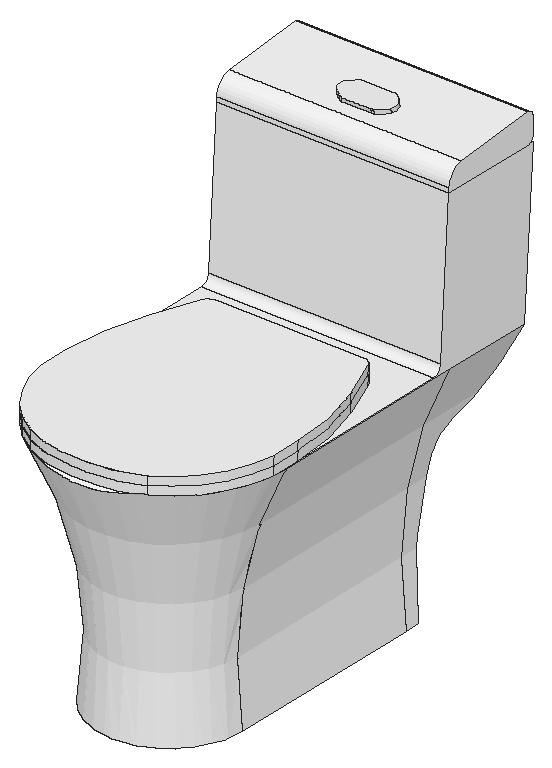
Revit family "121541001_Sanitario One Piece Burgos Al Bco", category Plumbing Fixtures, Revit 2019
Family settings
  Round Connector Dimension = Use Diameter
  Part Type = Normal
  OmniClass Number = 23.31.19.17
  OmniClass Title = Toilets With Tank
  Work Plane-Based = No
  Always vertical = Yes
  Cut with Voids When Loaded = No
  Shared = No
  Room Calculation Point = No
Parameters
  URL = "https://corona.co/productos/sanitarios/sanitarios-individuales/sanitario-one-piece-burgos-alongado-blanco/p/121541001"
  Sistema de Carga = "Por gravedad"  # constant formula
  Profundidad = 719 mm
  Presion maxima = "20 - 80 PSI."  # constant formula
  Peso Neto aprox = "50,3 kg."  # constant formula
  Peso Bruto aprox = "51,8 kg."  # constant formula
  Model = "Sanitario One Piece Burgos Al Bco"  # constant formula
  Material 2 = Corona_Aluminio
  Material = Corona_Porcelana_Sanitaria
  Manufacturer = "CORONA"  # constant formula
  Garantía = "Garantía Integral de por vida."  # constant formula
  Fecha de creación = "13/08/2020"  # constant formula
  Espejo de Agua = "18,5 cm x 21,3 cm ."  # constant formula
  Dimensiones generales del producto = "73,7cm x 39,1cm x 71,9cm"  # constant formula
  Dimensiones del Producto Empacado = "79 x 40,0 x 111"  # constant formula
  Description = "Capacidad de descarga de hasta 600 gr de miso."  # constant formula
  Creado por = "IDD"  # constant formula
  Ancho = 391 mm
  Altura de Sello = "2 3/8Pulgadas(6 cm)."  # constant formula
  Alto = 737 mm
Reference planes
  plane 1 "Center (Front/Back)": y = 0
  plane 2: z = 0
  plane 3 "Center (Left/Right)": x = 0
  plane 4: x = -195.5
  plane 5: x = 195.5
  plane 6: y = 359.5
  plane 7: y = -359.5
  plane 8: z = 737
Forms (mm)
  Extrusion 1, solid, material "Corona_Porcelana_Sanitaria" <- "Material", detail levels medium+fine
    sketch origin (0, 0, 0) x (0, 1, 0) y (0, 0, 1)
      loop
        line (359.5, 687) -> (184.5, 687) -> (166.99, 436.599)
        arc (166.99, 436.599) -> (162.257, 426.675) -> (152.027, 422.646) r 15
        line (152.027, 422.646) -> (-329.5, 422.646)
        arc (-329.5, 422.646) -> (-354.746, 408.852) -> (-356.777, 380.156) r 30
        arc (-356.777, 380.156) -> (-300.708, 194.194) -> (-296.87, 0) r 713.481
        line (-296.87, 0) -> (209.446, 0) -> (227.005, 251.103)
        arc (227.005, 251.103) -> (235.744, 277.222) -> (256.05, 295.829) r 55
        line (256.05, 295.829) -> (288.59, 313.131)
        arc (288.59, 313.131) -> (323.664, 345.27) -> (338.759, 390.384) r 95
        line (338.759, 390.384) -> (359.5, 687)
    from -195.5 to 195.5
  Extrusion 2, solid, material "Corona_Porcelana_Sanitaria" <- "Material", detail levels medium+fine
    sketch origin (0, 0, 0) x (0, 1, 0) y (0, 0, 1)
      loop
        line (184.5, 687) -> (351.5, 687)
        arc (351.5, 687) -> (357.157, 689.343) -> (359.5, 695) r 8
        line (359.5, 695) -> (359.5, 728.297)
        arc (359.5, 728.297) -> (356.913, 734.177) -> (350.83, 736.241) r 7.975
        line (350.83, 736.241) -> (211.885, 724.085)
        arc (211.885, 724.085) -> (192.382, 714.467) -> (184.5, 694.2) r 30
        line (184.5, 694.2) -> (184.5, 687)
    from -195.5 to 195.5
  Sweep 3, void
    path origin (0, 0, 0) x (1, 0, 0) y (0, 1, 0)
      loop
        line (-195.5, 184.5) -> (-195.5, -158.639)
        arc (-195.5, -158.639) -> (0, -354.139) -> (195.5, -158.639) r 195.5
        line (195.5, -158.639) -> (195.5, 184.5)
    profile origin (-195.5, 12.931, 0) x (1, 0, 0) y (0, 0, 1)
      loop
        line (-10.156, 437.432) -> (-125, 437.432) -> (-125, 0) -> (73, 0)
        arc (73, 0) -> (70.042, 226.057) -> (-10.156, 437.432) r 650.078
  Extrusion 4, void
    sketch origin (0, 0, 0) x (1, 0, 0) y (0, 0, 1)
      loop
        line (-195.5, 419.765) -> (-195.5, 0) -> (-122.5, 0)
        arc (-122.5, 0) -> (-123.634, 216.033) -> (-195.5, 419.765) r 650.078
      loop
        line (122.5, 0) -> (195.5, 0) -> (195.5, 419.765)
        arc (195.5, 419.765) -> (123.634, 216.033) -> (122.5, 0) r 650.078
    from -646.718 to 250
  Extrusion 5, solid, material "Corona_Porcelana_Sanitaria" <- "Material", detail levels medium+fine
    sketch origin (0, 0, 0) x (1, 0, 0) y (0, 1, 0)
      loop
        line (-195.5, -133.636) -> (-195.5, -183.747)
        arc (-195.5, -183.747) -> (-163.97, -268.02) -> (-98.27, -329.5) r 197.106
        spline (-98.27, -329.5) -> (-82.944, -336.828) -> (-66.988, -342.333) -> (-50.563, -346.217) -> (-33.882, -348.843) -> (-17.002, -350.348) -> (-0.008, -350.838) -> (16.989, -350.348) -> (33.88, -348.843) -> (50.569, -346.227) -> (66.981, -342.331) -> (82.935, -336.826) -> (98.27, -329.5)
        arc (98.27, -329.5) -> (163.97, -268.02) -> (195.5, -183.747) r 197.106
        line (195.5, -183.747) -> (195.5, -133.636)
        arc (195.5, -133.636) -> (188.802, -60.741) -> (168.932, 9.712) r 400
        line (168.932, 9.712) -> (141.295, 81.708)
        arc (141.295, 81.708) -> (133.952, 91.023) -> (122.624, 94.541) r 20
        line (122.624, 94.541) -> (-122.624, 94.541)
        arc (-122.624, 94.541) -> (-133.952, 91.023) -> (-141.295, 81.708) r 20
        line (-141.295, 81.708) -> (-168.932, 9.712)
        arc (-168.932, 9.712) -> (-188.802, -60.741) -> (-195.5, -133.636) r 400
    from 422.646 to 437.422
  Extrusion 6, solid, material "Corona_Porcelana_Sanitaria" <- "Material", detail levels medium+fine
    sketch origin (0, 0, 14.776) x (1, 0, 0) y (0, 1, 0)
      loop
        line (-195.5, -133.636) -> (-195.5, -183.747)
        arc (-195.5, -183.747) -> (-163.97, -268.02) -> (-98.27, -329.5) r 197.106
        spline (-98.27, -329.5) -> (-82.944, -336.828) -> (-66.988, -342.333) -> (-50.563, -346.217) -> (-33.882, -348.843) -> (-17.002, -350.348) -> (-0.008, -350.838) -> (16.989, -350.348) -> (33.88, -348.843) -> (50.569, -346.227) -> (66.981, -342.331) -> (82.935, -336.826) -> (98.27, -329.5)
        arc (98.27, -329.5) -> (163.97, -268.02) -> (195.5, -183.747) r 197.106
        line (195.5, -183.747) -> (195.5, -133.636)
        arc (195.5, -133.636) -> (188.802, -60.741) -> (168.932, 9.712) r 400
        line (168.932, 9.712) -> (141.295, 81.708)
        arc (141.295, 81.708) -> (133.952, 91.023) -> (122.624, 94.541) r 20
        line (122.624, 94.541) -> (-122.624, 94.541)
        arc (-122.624, 94.541) -> (-133.952, 91.023) -> (-141.295, 81.708) r 20
        line (-141.295, 81.708) -> (-168.932, 9.712)
        arc (-168.932, 9.712) -> (-188.802, -60.741) -> (-195.5, -133.636) r 400
    from 422.646 to 437.422
  Extrusion 7, void
    sketch origin (0, 0, 0) x (1, 0, 0) y (0, 1, 0)
      loop
        circle (-70, 119.5) r 10
      loop
        circle (70, 119.5) r 10
    from 211.59 to 573.692
  Extrusion 8, solid, material "Corona_Aluminio" <- "Material 2", detail levels medium+fine
    sketch origin (5.685, 78.649, -27.386) x (1, 0, 0) y (0, 0.996195, 0.087156)
      loop
        arc (-30.511, 267.962) -> (-32.755, 267.718) -> (-34.894, 266.997) r 10.435
        arc (-34.894, 266.997) -> (-44.319, 260.991) -> (-51.822, 252.706) r 41.889
        arc (-51.822, 252.706) -> (-54.425, 244.321) -> (-51.822, 235.936) r 14.806
        arc (-51.822, 235.936) -> (-44.319, 227.651) -> (-34.894, 221.646) r 41.889
        arc (-34.894, 221.646) -> (-32.755, 220.925) -> (-30.511, 220.68) r 10.435
        line (-30.511, 220.68) -> (19.141, 220.68)
        arc (19.141, 220.68) -> (21.385, 220.925) -> (23.525, 221.646) r 10.435
        arc (23.525, 221.646) -> (32.95, 227.651) -> (40.452, 235.936) r 41.889
        arc (40.452, 235.936) -> (43.056, 244.321) -> (40.452, 252.706) r 14.806
        arc (40.452, 252.706) -> (32.95, 260.991) -> (23.525, 266.997) r 41.889
        arc (23.525, 266.997) -> (21.385, 267.718) -> (19.141, 267.962) r 10.435
        line (19.141, 267.962) -> (-30.511, 267.962)
    from 737 to 743.433
  Extrusion 9, solid, material "Corona_Porcelana_Sanitaria" <- "Material", detail levels coarse
    sketch origin (0, 0, 0) x (1, 0, 0) y (0, 1, 0)
      loop
        line (-195.5, 359.5) -> (-195.5, -359.5) -> (195.5, -359.5) -> (195.5, 359.5) -> (-195.5, 359.5)
    from 0 to 737
Cuts and joins
  Sweep 3, Extrusion 4, Extrusion 7 cuts Extrusion 1
Lines and regions (mm)
  symbolic lines, not visible
    curve 1: arc (158.931, 306.17, 0) -> (0, 357.295, 0) -> (-158.931, 306.17, 0) r 272.596
    curve 2: arc (-158.931, 306.17, 0) -> (-188.985, 250.128, 0) -> (-161.28, 192.887, 0) r 70
    curve 3: arc (162.573, 193.891, 0) -> (188.963, 250.946, 0) -> (158.931, 306.17, 0) r 70
    curve 4: arc (-162.573, 193.891, 0) -> (-144.642, 149.459, 0) -> (-138.532, 101.935, 0) r 187.885
    curve 5: line (-138.532, 101.935, 0) -> (-138.532, 56.935, 0)
    curve 6: arc (-138.532, 56.935, 0) -> (-143.291, 6.836, 0) -> (-157.399, -41.47, 0) r 266.069
    curve 7: arc (-157.399, -41.47, 0) -> (-170.918, -97.782, 0) -> (-175.462, -155.515, 0) r 369.056
    curve 8: arc (-175.462, -180.671, 0) -> (-124.063, -304.701, 0) -> (0, -356.018, 0) r 175.347
    curve 9: arc (0, -356.018, 0) -> (124.063, -304.701, 0) -> (175.462, -180.671, 0) r 175.347
    curve 10: line (175.462, -180.671, 0) -> (175.462, -155.515, 0)
    curve 11: line (-175.462, -155.515, 0) -> (-175.462, -180.671, 0)
    curve 12: arc (175.462, -155.515, 0) -> (170.918, -97.782, 0) -> (157.399, -41.47, 0) r 369.056
    curve 13: arc (157.399, -41.47, 0) -> (143.291, 6.836, 0) -> (138.532, 56.935, 0) r 266.069
    curve 14: line (138.532, 56.935, 0) -> (138.532, 101.935, 0)
    curve 15: arc (138.532, 101.935, 0) -> (144.642, 149.459, 0) -> (162.573, 193.891, 0) r 187.885
    curve 16: arc (-22.322, 271.405, 0) -> (-44.822, 248.905, 0) -> (-22.322, 226.405, 0) r 22.5
    curve 17: line (22.322, 271.405, 0) -> (-22.322, 271.405, 0)
    curve 18: arc (22.322, 226.405, 0) -> (44.822, 248.905, 0) -> (22.322, 271.405, 0) r 22.5
    curve 19: line (-22.322, 226.405, 0) -> (22.322, 226.405, 0)
    curve 20: arc (-80.509, 109.309, 0) -> (-70.509, 99.309, 0) -> (-60.509, 109.309, 0) r 10
    curve 21: arc (-60.509, 109.309, 0) -> (-70.509, 119.309, 0) -> (-80.509, 109.309, 0) r 10
    curve 22: arc (80.509, 109.309, 0) -> (70.509, 119.309, 0) -> (60.509, 109.309, 0) r 10
    curve 23: arc (60.509, 109.309, 0) -> (70.509, 99.309, 0) -> (80.509, 109.309, 0) r 10
    curve 24: arc (-130.337, -180.671, 0) -> (-92.155, -272.793, 0) -> (0, -310.894, 0) r 130.223
    curve 25: arc (0, -310.894, 0) -> (92.155, -272.793, 0) -> (130.337, -180.671, 0) r 130.223
    curve 26: line (-130.337, -180.671, 0) -> (-130.337, -53.171, 0)
    curve 27: line (130.337, -180.671, 0) -> (130.337, -53.171, 0)
    curve 28: arc (-130.337, -53.171, 0) -> (-92.155, 38.951, 0) -> (0, 77.052, 0) r 130.223
    curve 29: arc (0, 77.052, 0) -> (92.155, 38.951, 0) -> (130.337, -53.171, 0) r 130.223
    curve 30: line (-36.969, -78.722, 0) -> (-36.969, -38.722, 0)
    curve 31: line (36.969, -78.722, 0) -> (36.969, -38.722, 0)
    curve 32: arc (-36.969, -38.722, 0) -> (0, -1.753, 0) -> (36.969, -38.722, 0) r 36.969
    curve 33: arc (-36.969, -78.722, 0) -> (0, -115.692, 0) -> (36.969, -78.722, 0) r 36.969
    curve 34: circle (0, -18.306, 0) r 13.098 normal (0, 0, 1)
    curve 35: arc (162.526, 193.807, 0) -> (0.774, 140.059, 0) -> (-161.28, 192.887, 0) r 272.596
    curve 36: line (0, 353.825, 756.733) -> (0, 335.634, 409.644)
    curve 37: line (0, 115.352, 761.119) -> (0, 357.295, 761.119)
    curve 38: line (0, 115.352, 761.119) -> (0, 357.295, 761.119)
    curve 39: line (0, 357.295, 761.119) -> (0, 357.295, 768.828)
    curve 40: arc (0, 357.295, 768.828) -> (0, 343.04, 780.083) -> (0, 325.555, 785) r 46.37
    curve 41: line (0, 115.352, 761.119) -> (0, 115.352, 768.828)
    curve 42: arc (0, 115.352, 768.828) -> (0, 129.607, 780.083) -> (0, 147.092, 785) r 46.37
    curve 43: line (0, 325.555, 785) -> (0, 147.092, 785)
    curve 44: line (0, 125.352, 761.119) -> (0, 139.852, 409.644)
    curve 45: line (0, 335.634, 409.644) -> (0, 340.634, 409.644)
    curve 46: line (0, 340.634, 409.644) -> (0, 340.634, 381.748)
    curve 47: line (0, 340.634, 381.748) -> (0, -19.366, 381.748)
    curve 48: line (0, 335.634, 409.644) -> (0, -356.018, 409.644)
    curve 49: arc (0, -356.018, 409.644) -> (0, -353.192, 366.547) -> (0, -335.455, 327.169) r 121.385
    curve 50: arc (0, -335.455, 327.169) -> (0, -291.866, 280.833) -> (0, -234.328, 253.696) r 170.542
    curve 51: arc (0, -186.596, 212.291) -> (0, -205.599, 238.599) -> (0, -234.328, 253.696) r 70.96
    curve 52: line (0, -186.596, 212.291) -> (0, -212.662, 0)
    curve 53: line (0, -212.662, 0) -> (0, 221.065, 0)
    curve 54: line (0, 221.065, 0) -> (0, 221.065, 25)
    curve 55: arc (0, 221.065, 25) -> (0, 233.654, 67.5) -> (0, 267.359, 96.287) r 78.033
    curve 56: arc (0, 267.359, 96.287) -> (0, 296.661, 122.671) -> (0, 304.859, 161.239) r 63.799
    curve 57: arc (0, 304.859, 161.239) -> (0, 299.88, 256.239) -> (0, 304.859, 351.239) r 908.843
    curve 58: arc (0, 304.859, 351.239) -> (0, 317.126, 373.085) -> (0, 340.634, 381.748) r 36.23
    curve 59: line (0, -53.935, 25) -> (0, -72.825, 178.845)
    curve 60: arc (0, 22.454, 174.082) -> (0, 1.448, 172.647) -> (0, -19.559, 174.082) r 154.484
    curve 61: arc (0, 299.973, 243.262) -> (0, 276.427, 290.481) -> (0, 226.563, 307.729) r 69.798
    curve 62: line (0, -55.154, 34.925) -> (0, 129.846, 34.925)
    curve 63: arc (0, 129.846, 34.925) -> (0, 154.319, 73.012) -> (0, 186.485, 104.869) r 207.033
    curve 64: arc (0, 186.485, 104.869) -> (0, 211.503, 129.646) -> (0, 230.537, 159.269) r 161.026
    curve 65: arc (0, 230.537, 159.269) -> (0, 236.709, 195.289) -> (0, 222.006, 228.747) r 63.503
    curve 66: arc (0, 222.006, 228.747) -> (0, 197.006, 240.286) -> (0, 172.006, 228.747) r 32.851
    curve 67: arc (0, 172.006, 228.747) -> (0, 121.814, 176.266) -> (0, 65.96, 129.857) r 635.206
    curve 68: arc (0, 65.96, 129.857) -> (0, 22.407, 108.875) -> (0, -25.803, 105.269) r 129.914
    curve 69: line (0, -25.803, 105.269) -> (0, -63.791, 105.269)
    curve 70: arc (0, 226.563, 307.729) -> (0, 189.313, 302.119) -> (0, 153.79, 289.585) r 198.818
    curve 71: arc (0, 153.79, 289.585) -> (0, 79.77, 241.33) -> (0, 22.454, 174.082) r 308.675
    curve 72: arc (0, 167.5, 325.24) -> (0, 114.917, 300.636) -> (0, 71.053, 262.606) r 210.538
    curve 73: arc (0, 71.053, 262.606) -> (0, 10.368, 212.716) -> (0, -63.181, 185.106) r 239.877
    curve 74: arc (0, -63.181, 185.106) -> (0, -91.397, 186.055) -> (0, -116.307, 199.342) r 62.396
    curve 75: arc (0, 115, 381.748) -> (0, 109.421, 348.949) -> (0, 90.651, 321.481) r 77.8
    curve 76: arc (0, 90.651, 321.481) -> (0, 22.093, 266.646) -> (0, -54.431, 223.622) r 540.97
    curve 77: arc (0, -54.431, 223.622) -> (0, -103.033, 215.623) -> (0, -148.911, 233.552) r 93.061
    curve 78: line (-189, 0, 761.119) -> (189, 0, 761.119)
    curve 79: line (-189, 0, 761.119) -> (-189, 0, 768.801)
    curve 80: arc (-189, 0, 768.801) -> (-176.035, 0, 780.743) -> (-158.931, 0, 785) r 35.593
    curve 81: line (189, 0, 761.119) -> (189, 0, 768.801)
    curve 82: arc (189, 0, 768.801) -> (176.035, 0, 780.743) -> (158.931, 0, 785) r 35.593
    curve 83: line (-158.931, 0, 785) -> (158.931, 0, 785)
    curve 84: line (-186, 0, 761.119) -> (-186, 0, 616.119)
    curve 85: line (-184.377, 0, 604.403) -> (-157.399, 0, 409.644)
    curve 86: arc (-184.377, 0, 604.403) -> (-185.393, 0, 610.232) -> (-186, 0, 616.119) r 84.777
    curve 87: line (186, 0, 761.119) -> (186, 0, 616.119)
    curve 88: line (184.377, 0, 604.403) -> (157.399, 0, 409.644)
    curve 89: arc (184.377, 0, 604.403) -> (185.393, 0, 610.232) -> (186, 0, 616.119) r 84.777
    curve 90: line (-130.337, 0, 0) -> (-106.678, 0, 168.346)
    curve 91: line (-106.678, 0, 168.346) -> (-106.678, 0, 211.148)
    curve 92: line (-176.678, 0, 409.644) -> (-176.678, 0, 341.748)
    curve 93: arc (-176.678, 0, 341.748) -> (-166.147, 0, 294.248) -> (-136.529, 0, 255.648) r 112.395
    curve 94: arc (-136.529, 0, 255.648) -> (-118.448, 0, 235.515) -> (-106.678, 0, 211.148) r 96.347
    curve 95: line (130.337, 0, 0) -> (106.678, 0, 168.346)
    curve 96: line (106.678, 0, 168.346) -> (106.678, 0, 211.148)
    curve 97: line (176.678, 0, 409.644) -> (176.678, 0, 341.748)
    curve 98: arc (176.678, 0, 341.748) -> (166.147, 0, 294.248) -> (136.529, 0, 255.648) r 112.395
    curve 99: arc (136.529, 0, 255.648) -> (118.448, 0, 235.515) -> (106.678, 0, 211.148) r 96.347
    curve 100: line (-176.678, 0, 409.644) -> (176.678, 0, 409.644)
    curve 101: line (-130.337, 0, 0) -> (130.337, 0, 0)
    curve 105: line (-187.5, 359.5, 0) -> (187.5, 359.5, 0)
    curve 106: line (195.5, 351.5, 0) -> (195.5, 160.027, 0)
    curve 107: line (-195.5, 160.027, 0) -> (-195.5, 351.5, 0)
    curve 163: arc (-195.5, 351.5, 0) -> (-193.157, 357.157, 0) -> (-187.5, 359.5, 0) r 8
    curve 164: arc (195.5, 351.5, 0) -> (193.157, 357.157, 0) -> (187.5, 359.5, 0) r 8
    curve 165: arc (-195.5, 160.027, 0) -> (0, 126.686, 0) -> (195.5, 160.027, 0) r 589.839
    curve 166: line (-195.5, 160.027, 0) -> (-155.35, 102.686, 0)
    curve 167: line (-155.35, 102.686, 0) -> (-155.35, -192.314, 0)
    curve 168: arc (-155.35, -192.314, 0) -> (-115.632, -301.437, 0) -> (-15.064, -359.5, 0) r 169.765
    curve 169: line (195.5, 160.027, 0) -> (155.35, 102.686, 0)
    curve 170: line (155.35, 102.686, 0) -> (155.35, -192.314, 0)
    curve 171: arc (155.35, -192.314, 0) -> (115.632, -301.437, 0) -> (15.064, -359.5, 0) r 169.765
    curve 172: line (-15.064, -359.5, 0) -> (15.064, -359.5, 0)
    curve 173: arc (-155.35, 102.686, 0) -> (0, 68.944, 0) -> (155.35, 102.686, 0) r 374.489
    curve 174: arc (-179.118, 136.631, 0) -> (0, 110.688, 0) -> (179.118, 136.631, 0) r 631.315
    curve 175: arc (-46.137, 252.706, 0) -> (-48.74, 244.321, 0) -> (-46.137, 235.936, 0) r 14.806
    curve 176: arc (-46.137, 235.936, 0) -> (-38.635, 227.651, 0) -> (-29.209, 221.646, 0) r 41.889
    curve 177: arc (-29.209, 266.997, 0) -> (-38.635, 260.991, 0) -> (-46.137, 252.706, 0) r 41.889
    curve 178: line (24.826, 267.962, 0) -> (-24.826, 267.962, 0)
    curve 179: arc (29.209, 266.997, 0) -> (27.07, 267.718, 0) -> (24.826, 267.962, 0) r 10.435
    curve 180: arc (-24.826, 267.962, 0) -> (-27.07, 267.718, 0) -> (-29.209, 266.997, 0) r 10.435
    curve 181: arc (-29.209, 221.646, 0) -> (-27.07, 220.925, 0) -> (-24.826, 220.68, 0) r 10.435
    curve 182: line (-24.826, 220.68, 0) -> (24.826, 220.68, 0)
    curve 183: arc (24.826, 220.68, 0) -> (27.07, 220.925, 0) -> (29.209, 221.646, 0) r 10.435
    curve 184: arc (29.209, 221.646, 0) -> (38.635, 227.651, 0) -> (46.137, 235.936, 0) r 41.889
    curve 185: arc (46.137, 235.936, 0) -> (48.74, 244.321, 0) -> (46.137, 252.706, 0) r 14.806
    curve 186: arc (46.137, 252.706, 0) -> (38.635, 260.991, 0) -> (29.209, 266.997, 0) r 41.889
    curve 187: line (-11.336, 260.654, 0) -> (-11.336, 226.308, 0)
    curve 188: arc (-11.336, 260.654, 0) -> (-34.435, 243.481, 0) -> (-11.336, 226.308, 0) r 17.933
    curve 189: arc (46.137, 235.936, 0) -> (38.635, 227.651, 0) -> (29.209, 221.646, 0) r 41.889
    curve 190: line (12.586, 260.981, 0) -> (12.586, 225.981, 0)
    curve 191: arc (12.586, 260.981, 0) -> (34.435, 243.481, 0) -> (12.586, 225.981, 0) r 17.933
    curve 192: circle (-61.378, 33.247, 0) r 10 normal (0, 0, 1)
    curve 193: circle (61.378, 33.247, 0) r 10 normal (0, 0, -1)
    curve 194: arc (-105.35, -192.314, 0) -> (-78.602, -267.756, 0) -> (-10.305, -309.5, 0) r 119.765
    curve 195: line (-10.305, -309.5, 0) -> (10.305, -309.5, 0)
    curve 196: arc (105.35, -192.314, 0) -> (78.602, -267.756, 0) -> (10.305, -309.5, 0) r 119.765
    curve 197: line (-105.35, -192.314, 0) -> (-105.35, -137.314, 0)
    curve 198: arc (-105.35, -137.314, 0) -> (-78.602, -61.872, 0) -> (-10.305, -20.128, 0) r 119.765
    curve 199: line (-10.305, -20.128, 0) -> (10.305, -20.128, 0)
    curve 200: arc (105.35, -137.314, 0) -> (78.602, -61.872, 0) -> (10.305, -20.128, 0) r 119.765
    curve 201: line (105.35, -192.314, 0) -> (105.35, -137.314, 0)
    curve 202: arc (-95.35, -137.314, 0) -> (-71.156, -68.568, 0) -> (-9.239, -30.128, 0) r 109.765
    curve 203: line (-95.35, -192.314, 0) -> (-95.35, -137.314, 0)
    curve 204: arc (-95.35, -192.314, 0) -> (-71.156, -261.06, 0) -> (-9.239, -299.5, 0) r 109.765
    curve 205: line (-9.239, -299.5, 0) -> (9.239, -299.5, 0)
    curve 206: arc (95.35, -192.314, 0) -> (71.156, -261.06, 0) -> (9.239, -299.5, 0) r 109.765
    curve 207: line (95.35, -192.314, 0) -> (95.35, -137.314, 0)
    curve 208: arc (95.35, -137.314, 0) -> (71.156, -68.568, 0) -> (9.239, -30.128, 0) r 109.765
    curve 209: line (-9.239, -30.128, 0) -> (9.239, -30.128, 0)
    curve 210: line (-11.452, -43.709, 0) -> (11.452, -43.709, 0)
    curve 211: line (-18.808, -121.354, 0) -> (-18.808, -51.065, 0)
    curve 212: line (11.452, -128.709, 0) -> (-11.452, -128.709, 0)
    curve 213: line (18.808, -51.065, 0) -> (18.808, -121.354, 0)
    curve 214: arc (-18.808, -51.065, 0) -> (-16.654, -45.863, 0) -> (-11.452, -43.709, 0) r 7.355
    curve 215: arc (18.808, -51.065, 0) -> (16.654, -45.863, 0) -> (11.452, -43.709, 0) r 7.355
    curve 216: arc (-18.808, -121.354, 0) -> (-16.654, -126.555, 0) -> (-11.452, -128.709, 0) r 7.355
    curve 217: arc (18.808, -121.354, 0) -> (16.654, -126.555, 0) -> (11.452, -128.709, 0) r 7.355
    curve 236: line (-146.885, 0, 422.612) -> (-146.885, 0, 724.102)
    curve 237: line (-133.987, 0, 737) -> (0, 0, 737)
    curve 238: arc (-146.885, 0, 724.102) -> (-143.107, 0, 733.222) -> (-133.987, 0, 737) r 12.898
    curve 239: line (196.39, 0, 422.612) -> (-197.103, 0, 422.612)
    curve 240: arc (-122.505, 0, -0.008) -> (-123.923, 0, 217.635) -> (-197.103, 0, 422.612) r 650.07
    curve 241: line (-122.505, 0, -0.008) -> (121.929, 0, -0.008)
    curve 242: line (-146.885, 0, 702) -> (0, 0, 702)
    curve 243: line (146.885, 0, 422.612) -> (146.885, 0, 724.102)
    curve 244: line (133.987, 0, 737) -> (0, 0, 737)
    curve 245: arc (146.885, 0, 724.102) -> (143.107, 0, 733.222) -> (133.987, 0, 737) r 12.898
    curve 246: arc (121.929, 0, -0.008) -> (123.297, 0, 217.621) -> (196.39, 0, 422.612) r 650.349
    curve 247: line (121.929, 0, -0.008) -> (-122.505, 0, -0.008)
    curve 248: line (146.885, 0, 702) -> (0, 0, 702)
    curve 249: line (-197.103, 0, 422.612) -> (196.39, 0, 422.612)
    curve 250: line (-197.103, 0, 436.599) -> (-197.103, 0, 422.612)
    curve 251: line (196.39, 0, 436.599) -> (-197.103, 0, 436.599)
    curve 252: line (196.39, 0, 422.612) -> (196.39, 0, 436.599)
    curve 276: arc (0, 351.5, 687) -> (0, 357.157, 689.343) -> (0, 359.5, 695) r 8
    curve 277: line (0, 359.5, 687) -> (0, 184.5, 687)
    curve 278: line (0, 184.5, 694.2) -> (0, 184.5, 687)
    curve 279: arc (0, 211.885, 724.085) -> (0, 192.382, 714.467) -> (0, 184.5, 694.2) r 30
    curve 280: line (0, 350.83, 736.241) -> (0, 211.885, 724.085)
    curve 281: arc (0, 359.5, 728.297) -> (0, 356.913, 734.177) -> (0, 350.83, 736.241) r 7.975
    curve 282: line (0, 359.5, 695) -> (0, 359.5, 728.297)
    curve 283: line (0, 338.759, 390.384) -> (0, 359.5, 687)
    curve 284: line (0, 359.5, 687) -> (0, 351.5, 687)
    curve 285: line (0, 184.5, 687) -> (0, 166.99, 436.599)
    curve 286: arc (0, 166.99, 436.599) -> (0, 162.257, 426.675) -> (0, 152.027, 422.646) r 15
    curve 287: line (0, 152.027, 422.646) -> (0, -355.972, 422.646)
    curve 288: arc (0, 288.59, 313.131) -> (0, 323.664, 345.27) -> (0, 338.759, 390.384) r 95
    curve 289: arc (0, 227.005, 251.103) -> (0, 235.744, 277.222) -> (0, 256.05, 295.829) r 55
    curve 290: line (0, 256.05, 295.829) -> (0, 288.59, 313.131)
    curve 291: line (0, 209.446, 0) -> (0, 227.005, 251.103)
    curve 292: line (0, -281.138, 0) -> (0, 209.446, 0)
    curve 293: arc (0, -355.972, 422.646) -> (0, -280.495, 218.062) -> (0, -281.138, 0) r 615.122
    curve 294: line (0, -355.972, 422.646) -> (0, 94.541, 422.646)
    curve 295: line (0, -355.972, 437.422) -> (0, -355.972, 422.646)
    curve 296: line (0, 94.541, 437.422) -> (0, -355.972, 437.422)
    curve 297: line (0, 94.541, 422.646) -> (0, 94.541, 437.422)
  symbolic lines
    curve 102: line (-187.5, 359.5, 0) -> (187.5, 359.5, 0)
    curve 103: line (195.5, 351.5, 0) -> (195.5, 160.027, 0)
    curve 104: line (-195.5, 160.027, 0) -> (-195.5, 351.5, 0)
    curve 108: arc (-195.5, 351.5, 0) -> (-193.157, 357.157, 0) -> (-187.5, 359.5, 0) r 8
    curve 109: arc (195.5, 351.5, 0) -> (193.157, 357.157, 0) -> (187.5, 359.5, 0) r 8
    curve 110: arc (-195.5, 160.027, 0) -> (0, 126.686, 0) -> (195.5, 160.027, 0) r 589.839
    curve 111: line (-195.5, 160.027, 0) -> (-155.35, 102.686, 0)
    curve 112: line (-155.35, 102.686, 0) -> (-155.35, -192.314, 0)
    curve 113: arc (-155.35, -192.314, 0) -> (-115.632, -301.437, 0) -> (-15.064, -359.5, 0) r 169.765
    curve 114: line (195.5, 160.027, 0) -> (155.35, 102.686, 0)
    curve 115: line (155.35, 102.686, 0) -> (155.35, -192.314, 0)
    curve 116: arc (155.35, -192.314, 0) -> (115.632, -301.437, 0) -> (15.064, -359.5, 0) r 169.765
    curve 117: line (-15.064, -359.5, 0) -> (15.064, -359.5, 0)
    curve 118: arc (-155.35, 102.686, 0) -> (0, 68.944, 0) -> (155.35, 102.686, 0) r 374.489
    curve 119: arc (-179.118, 136.631, 0) -> (0, 110.688, 0) -> (179.118, 136.631, 0) r 631.315
    curve 120: arc (-46.137, 252.706, 0) -> (-48.74, 244.321, 0) -> (-46.137, 235.936, 0) r 14.806
    curve 121: arc (-46.137, 235.936, 0) -> (-38.635, 227.651, 0) -> (-29.209, 221.646, 0) r 41.889
    curve 122: arc (-29.209, 266.997, 0) -> (-38.635, 260.991, 0) -> (-46.137, 252.706, 0) r 41.889
    curve 123: line (24.826, 267.962, 0) -> (-24.826, 267.962, 0)
    curve 124: arc (29.209, 266.997, 0) -> (27.07, 267.718, 0) -> (24.826, 267.962, 0) r 10.435
    curve 125: arc (-24.826, 267.962, 0) -> (-27.07, 267.718, 0) -> (-29.209, 266.997, 0) r 10.435
    curve 126: arc (-29.209, 221.646, 0) -> (-27.07, 220.925, 0) -> (-24.826, 220.68, 0) r 10.435
    curve 127: line (-24.826, 220.68, 0) -> (24.826, 220.68, 0)
    curve 128: arc (24.826, 220.68, 0) -> (27.07, 220.925, 0) -> (29.209, 221.646, 0) r 10.435
    curve 129: arc (29.209, 221.646, 0) -> (38.635, 227.651, 0) -> (46.137, 235.936, 0) r 41.889
    curve 130: arc (46.137, 235.936, 0) -> (48.74, 244.321, 0) -> (46.137, 252.706, 0) r 14.806
    curve 131: arc (46.137, 252.706, 0) -> (38.635, 260.991, 0) -> (29.209, 266.997, 0) r 41.889
    curve 132: line (-11.336, 260.654, 0) -> (-11.336, 226.308, 0)
    curve 133: arc (-11.336, 260.654, 0) -> (-34.435, 243.481, 0) -> (-11.336, 226.308, 0) r 17.933
    curve 134: arc (46.137, 235.936, 0) -> (38.635, 227.651, 0) -> (29.209, 221.646, 0) r 41.889
    curve 135: line (12.586, 260.981, 0) -> (12.586, 225.981, 0)
    curve 136: arc (12.586, 260.981, 0) -> (34.435, 243.481, 0) -> (12.586, 225.981, 0) r 17.933
    curve 137: circle (-61.378, 33.247, 0) r 10 normal (0, 0, 1)
    curve 138: circle (61.378, 33.247, 0) r 10 normal (0, 0, -1)
    curve 139: arc (-105.35, -192.314, 0) -> (-78.602, -267.756, 0) -> (-10.305, -309.5, 0) r 119.765
    curve 140: line (-10.305, -309.5, 0) -> (10.305, -309.5, 0)
    curve 141: arc (105.35, -192.314, 0) -> (78.602, -267.756, 0) -> (10.305, -309.5, 0) r 119.765
    curve 142: line (-105.35, -192.314, 0) -> (-105.35, -137.314, 0)
    curve 143: arc (-105.35, -137.314, 0) -> (-78.602, -61.872, 0) -> (-10.305, -20.128, 0) r 119.765
    curve 144: line (-10.305, -20.128, 0) -> (10.305, -20.128, 0)
    curve 145: arc (105.35, -137.314, 0) -> (78.602, -61.872, 0) -> (10.305, -20.128, 0) r 119.765
    curve 146: line (105.35, -192.314, 0) -> (105.35, -137.314, 0)
    curve 147: arc (-95.35, -137.314, 0) -> (-71.156, -68.568, 0) -> (-9.239, -30.128, 0) r 109.765
    curve 148: line (-95.35, -192.314, 0) -> (-95.35, -137.314, 0)
    curve 149: arc (-95.35, -192.314, 0) -> (-71.156, -261.06, 0) -> (-9.239, -299.5, 0) r 109.765
    curve 150: line (-9.239, -299.5, 0) -> (9.239, -299.5, 0)
    curve 151: arc (95.35, -192.314, 0) -> (71.156, -261.06, 0) -> (9.239, -299.5, 0) r 109.765
    curve 152: line (95.35, -192.314, 0) -> (95.35, -137.314, 0)
    curve 153: arc (95.35, -137.314, 0) -> (71.156, -68.568, 0) -> (9.239, -30.128, 0) r 109.765
    curve 154: line (-9.239, -30.128, 0) -> (9.239, -30.128, 0)
    curve 155: line (-11.452, -43.709, 0) -> (11.452, -43.709, 0)
    curve 156: line (-18.808, -121.354, 0) -> (-18.808, -51.065, 0)
    curve 157: line (11.452, -128.709, 0) -> (-11.452, -128.709, 0)
    curve 158: line (18.808, -51.065, 0) -> (18.808, -121.354, 0)
    curve 159: arc (-18.808, -51.065, 0) -> (-16.654, -45.863, 0) -> (-11.452, -43.709, 0) r 7.355
    curve 160: arc (18.808, -51.065, 0) -> (16.654, -45.863, 0) -> (11.452, -43.709, 0) r 7.355
    curve 161: arc (-18.808, -121.354, 0) -> (-16.654, -126.555, 0) -> (-11.452, -128.709, 0) r 7.355
    curve 162: arc (18.808, -121.354, 0) -> (16.654, -126.555, 0) -> (11.452, -128.709, 0) r 7.355
    curve 218: line (-195.5, 0, 422.646) -> (-146.885, 0, 422.646)
    curve 219: line (-146.885, 0, 422.612) -> (-146.885, 0, 724.102)
    curve 220: line (-133.987, 0, 737) -> (0, 0, 737)
    curve 221: arc (-146.885, 0, 724.102) -> (-143.107, 0, 733.222) -> (-133.987, 0, 737) r 12.898
    curve 222: line (196.39, 0, 422.612) -> (-197.103, 0, 422.612)
    curve 223: arc (-122.505, 0, -0.008) -> (-123.923, 0, 217.635) -> (-197.103, 0, 422.612) r 650.07
    curve 224: line (-122.505, 0, -0.008) -> (121.929, 0, -0.008)
    curve 225: line (-146.885, 0, 702) -> (0, 0, 702)
    curve 226: line (146.885, 0, 422.612) -> (146.885, 0, 724.102)
    curve 227: line (133.987, 0, 737) -> (0, 0, 737)
    curve 228: arc (146.885, 0, 724.102) -> (143.107, 0, 733.222) -> (133.987, 0, 737) r 12.898
    curve 229: arc (121.929, 0, -0.008) -> (123.297, 0, 217.621) -> (196.39, 0, 422.612) r 650.349
    curve 230: line (121.929, 0, -0.008) -> (-122.505, 0, -0.008)
    curve 231: line (146.885, 0, 702) -> (0, 0, 702)
    curve 232: line (-197.103, 0, 422.612) -> (196.39, 0, 422.612)
    curve 233: line (-197.103, 0, 436.599) -> (-197.103, 0, 422.612)
    curve 234: line (196.39, 0, 436.599) -> (-197.103, 0, 436.599)
    curve 235: line (196.39, 0, 422.612) -> (196.39, 0, 436.599)
    curve 253: line (0, 359.5, 695) -> (0, 359.5, 728.297)
    curve 254: arc (0, 351.5, 687) -> (0, 357.157, 689.343) -> (0, 359.5, 695) r 8
    curve 255: line (0, 359.5, 687) -> (0, 184.5, 687)
    curve 256: line (0, 184.5, 694.2) -> (0, 184.5, 687)
    curve 257: arc (0, 211.885, 724.085) -> (0, 192.382, 714.467) -> (0, 184.5, 694.2) r 30
    curve 258: line (0, 350.83, 736.241) -> (0, 211.885, 724.085)
    curve 259: arc (0, 359.5, 728.297) -> (0, 356.913, 734.177) -> (0, 350.83, 736.241) r 7.975
    curve 260: line (0, 359.5, 695) -> (0, 359.5, 728.297)
    curve 261: line (0, 338.759, 390.384) -> (0, 359.5, 687)
    curve 262: line (0, 359.5, 687) -> (0, 351.5, 687)
    curve 263: line (0, 184.5, 687) -> (0, 166.99, 436.599)
    curve 264: arc (0, 166.99, 436.599) -> (0, 162.257, 426.675) -> (0, 152.027, 422.646) r 15
    curve 265: line (0, 152.027, 422.646) -> (0, -355.972, 422.646)
    curve 266: arc (0, 288.59, 313.131) -> (0, 323.664, 345.27) -> (0, 338.759, 390.384) r 95
    curve 267: arc (0, 227.005, 251.103) -> (0, 235.744, 277.222) -> (0, 256.05, 295.829) r 55
    curve 268: line (0, 256.05, 295.829) -> (0, 288.59, 313.131)
    curve 269: line (0, 209.446, 0) -> (0, 227.005, 251.103)
    curve 270: line (0, -281.138, 0) -> (0, 209.446, 0)
    curve 271: arc (0, -355.972, 422.646) -> (0, -280.495, 218.062) -> (0, -281.138, 0) r 615.122
    curve 272: line (0, -355.972, 422.646) -> (0, 94.541, 422.646)
    curve 273: line (0, -355.972, 437.422) -> (0, -355.972, 422.646)
    curve 274: line (0, 94.541, 437.422) -> (0, -355.972, 437.422)
    curve 275: line (0, 94.541, 422.646) -> (0, 94.541, 437.422)
Dimensions and locks
  equal spacing: plane 6, plane 1 "Center (Front/Back)", plane 7
  "Profundidad": plane 6 to plane 7
  equal spacing: plane 4, plane 3 "Center (Left/Right)", plane 5
  "Ancho": plane 4 to plane 5
  "Alto": plane 8 to level
  aligned and locked: level to plane 2
Automatic sketch dimensions
  curve 8 to curve 24 = 0 mm  (x4)
  curve 9 to curve 25 = 0 mm  (x4)
  curve 6 to curve 4 = 78.184 mm
  curve 4 to curve 12 = 132.822 mm
  curve 12 to curve 11 = 18.133 mm
  curve 5 to curve 26 = 8.195 mm
  curve 4 to curve 2 = 19.532 mm
  curve 5 to curve 21 = 68.023 mm
  curve 26 to curve 30 = 93.368 mm
  curve 2 to curve 17 = 96.678 mm
  curve 30 to curve 24 = 36.855 mm
  curve 32 to curve 28 = 36.855 mm
  curve 28 to curve 33 = 0.114 mm
  curve 20 to curve 1 = 70.509 mm
  curve 34 to curve 32 = 0 mm
  curve 17 to curve 35 = 22.322 mm
  curve 28 to curve 29 = 0.228 mm
  curve 8 to curve 9 = 0.228 mm
  curve 16 to curve 17 = 44.643 mm
  curve 1 to curve 23 = 70.509 mm
  curve 18 to curve 3 = 96.678 mm
  curve 25 to curve 27 = 130.223 mm
  curve 22 to curve 14 = 68.023 mm
  curve 27 to curve 10 = 45.124 mm
  curve 10 to curve 7 = 18.133 mm
  curve 14 to curve 15 = 187.885 mm
  curve 15 to curve 13 = 78.184 mm
  curve 11 to curve 9 = 0 mm
  curve 10 to curve 7 = 25.156 mm
  curve 12 to curve 7 = 0 mm
  curve 8 to curve 30 = 101.949 mm
  curve 33 to curve 29 = 25.551 mm
  curve 33 to curve 26 = 25.551 mm
  curve 29 to curve 31 = 14.449 mm
  curve 32 to curve 34 = 20.416 mm
  curve 28 to curve 5 = 110.106 mm
  curve 27 to curve 14 = 110.106 mm
  curve 28 to curve 1 = 7.647 mm
  curve 14 to curve 14 = 45 mm
  curve 6 to curve 4 = 45 mm
  curve 15 to curve 22 = 7.374 mm
  curve 5 to curve 21 = 7.374 mm
  curve 23 to curve 19 = 117.096 mm
  curve 16 to curve 2 = 22.272 mm
  curve 18 to curve 3 = 22.272 mm
  curve 18 to curve 18 = 22.5 mm
  curve 17 to curve 35 = 141.249 mm
  curve 4 to curve 2 = 43.573 mm
  curve 4 to curve 2 = 1.293 mm
  curve 2 to curve 2 = 39.931 mm
  curve 20 to curve 20 = 10 mm
  curve 23 to curve 22 = 10 mm
  curve 3 to curve 3 = 39.931 mm
  curve 35 to curve 3 = 0.047 mm
  curve 20 to curve 21 = 0 mm  (x2)
  curve 22 to curve 23 = 0 mm  (x2)
  curve 48 to curve 67 = 44.623 mm
  curve 67 to curve 76 = 30.982 mm
  curve 49 to curve 51 = 103.922 mm
  curve 48 to curve 49 = 120.606 mm
  curve 51 to curve 52 = 39.435 mm
  curve 49 to curve 50 = 43.788 mm
  curve 51 to curve 52 = 65.501 mm
  curve 50 to curve 73 = 82.053 mm
  curve 73 to curve 77 = 16.265 mm
  curve 77 to curve 74 = 18.058 mm
  curve 74 to curve 69 = 49.445 mm
  curve 74 to curve 68 = 64.03 mm
  curve 68 to curve 60 = 12.665 mm
  curve 60 to curve 75 = 35.838 mm
  curve 68 to curve 64 = 97.58 mm
  curve 75 to curve 41 = 78.067 mm
  curve 69 to curve 62 = 155.649 mm
  curve 42 to curve 43 = 31.74 mm
  curve 37 to curve 42 = 35.307 mm
  curve 64 to curve 65 = 87.317 mm
  curve 65 to curve 66 = 23.327 mm
  curve 63 to curve 54 = 91.219 mm
  curve 65 to curve 72 = 55.905 mm
  curve 66 to curve 61 = 33.365 mm
  curve 72 to curve 70 = 7.828 mm
  curve 72 to curve 56 = 11.826 mm
  curve 53 to curve 71 = 62.552 mm
  curve 71 to curve 55 = 15.481 mm
  curve 71 to curve 63 = 31.597 mm
  curve 42 to curve 40 = 171.329 mm
  curve 40 to curve 43 = 3.567 mm
  curve 61 to curve 45 = 105.263 mm
  curve 36 to curve 47 = 5 mm
  curve 40 to curve 39 = 31.74 mm
  curve 58 to curve 57 = 868.089 mm
  curve 63 to curve 53 = 57.278 mm
  curve 53 to curve 71 = 9.539 mm
  curve 71 to curve 55 = 15.461 mm
  curve 55 to curve 62 = 9.925 mm
  curve 62 to curve 69 = 70.344 mm
  curve 55 to curve 70 = 84.207 mm
  curve 70 to curve 72 = 14.857 mm
  curve 72 to curve 56 = 30.506 mm
  curve 52 to curve 51 = 184.996 mm
  curve 56 to curve 65 = 32.98 mm
  curve 65 to curve 66 = 19.885 mm
  curve 51 to curve 52 = 27.295 mm
  curve 65 to curve 64 = 43.432 mm
  curve 64 to curve 68 = 3.379 mm
  curve 66 to curve 61 = 30.6 mm
  curve 68 to curve 74 = 11.963 mm
  curve 55 to curve 57 = 231.239 mm
  curve 74 to curve 77 = 61.849 mm
  curve 68 to curve 60 = 92.769 mm
  curve 61 to curve 58 = 107.482 mm
  curve 60 to curve 75 = 50.963 mm
  curve 58 to curve 47 = 36.23 mm
  curve 77 to curve 49 = 87.739 mm
  curve 46 to curve 45 = 27.896 mm
  curve 49 to curve 50 = 22.891 mm
  curve 50 to curve 73 = 1.651 mm
  curve 67 to curve 76 = 74.303 mm
  curve 36 to curve 40 = 329.123 mm
  curve 42 to curve 40 = 0 mm
  curve 42 to curve 37 = 22.352 mm
  curve 37 to curve 41 = 7.709 mm
  curve 49 to curve 50 = 20.563 mm
  curve 51 to curve 77 = 37.685 mm
  curve 77 to curve 74 = 32.603 mm
  curve 74 to curve 59 = 43.482 mm
  curve 69 to curve 68 = 37.988 mm
  curve 59 to curve 74 = 9.644 mm
  curve 73 to curve 74 = 0 mm
  curve 69 to curve 62 = 8.637 mm
  curve 74 to curve 77 = 20.817 mm
  curve 62 to curve 59 = 1.219 mm
  curve 73 to curve 60 = 43.623 mm
  curve 47 to curve 75 = 56.651 mm
  curve 60 to curve 60 = 42.012 mm
  curve 67 to curve 68 = 0 mm
  curve 72 to curve 73 = 0 mm
  curve 72 to curve 75 = 19.598 mm
  curve 76 to curve 75 = 0 mm
  curve 37 to curve 44 = 10 mm
  curve 75 to curve 44 = 24.852 mm
  curve 71 to curve 67 = 18.216 mm
  curve 70 to curve 71 = 0 mm
  curve 71 to curve 72 = 13.709 mm
  curve 66 to curve 67 = 0 mm
  curve 64 to curve 63 = 0 mm
  curve 65 to curve 66 = 0 mm
  curve 61 to curve 70 = 0 mm
  curve 56 to curve 55 = 0 mm
  curve 61 to curve 61 = 69.602 mm
  curve 36 to curve 37 = 3.47 mm
  curve 77 to curve 76 = 0 mm
  curve 36 to curve 37 = 4.386 mm
  curve 94 to curve 79 = 9.46 mm
  curve 78 to curve 84 = 3 mm
  curve 86 to curve 85 = 1.623 mm
  curve 86 to curve 100 = 7.699 mm
  curve 84 to curve 80 = 26.845 mm
  curve 79 to curve 83 = 30.069 mm
  curve 94 to curve 90 = 91.782 mm
  curve 85 to curve 86 = 82.959 mm
  curve 92 to curve 93 = 112.395 mm
  curve 93 to curve 98 = 128.566 mm
  curve 86 to curve 89 = 202.836 mm
  curve 98 to curve 96 = 42.395 mm
  curve 89 to curve 83 = 57.513 mm
  curve 82 to curve 82 = 0.224 mm
  curve 98 to curve 100 = 112.395 mm
  curve 89 to curve 88 = 82.959 mm
  curve 88 to curve 87 = 1.623 mm
  curve 87 to curve 81 = 3 mm
  curve 95 to curve 99 = 91.782 mm
  curve 96 to curve 90 = 0 mm
  curve 95 to curve 99 = 13.497 mm
  curve 90 to curve 94 = 13.497 mm
  curve 90 to curve 91 = 42.803 mm
  curve 95 to curve 96 = 42.803 mm
  curve 99 to curve 98 = 130.6 mm
  curve 91 to curve 92 = 130.6 mm
  curve 93 to curve 92 = 67.896 mm
  curve 97 to curve 88 = 194.759 mm
  curve 92 to curve 85 = 194.759 mm
  curve 88 to curve 87 = 11.716 mm
  curve 85 to curve 84 = 11.716 mm
  curve 87 to curve 82 = 133.289 mm
  curve 84 to curve 80 = 133.289 mm
  curve 80 to curve 79 = 11.711 mm
  curve 78 to curve 79 = 7.682 mm
  curve 92 to curve 85 = 19.279 mm
  curve 101 to curve 90 = 23.659 mm
  curve 95 to curve 95 = 23.659 mm
  curve 88 to curve 97 = 19.279 mm
  curve 101 to curve 95 = 168.346 mm
  curve 113 to curve 139 = 0 mm  (x4)
  curve 113 to curve 149 = 0 mm  (x4)
  curve 116 to curve 141 = 0 mm  (x4)
  curve 116 to curve 151 = 0 mm  (x4)
  curve 143 to curve 147 = 0 mm  (x4)
  curve 145 to curve 153 = 0 mm  (x4)
  curve 104 to curve 108 = 8 mm
  curve 104 to curve 112 = 40.15 mm
  curve 113 to curve 142 = 50 mm
  curve 139 to curve 148 = 10 mm
  curve 111 to curve 137 = 93.972 mm
  curve 104 to curve 120 = 161.565 mm
  curve 147 to curve 156 = 76.542 mm
  curve 120 to curve 126 = 9.109 mm
  curve 120 to curve 125 = 9.109 mm
  curve 126 to curve 133 = 8.323 mm
  curve 148 to curve 117 = 80.286 mm
  curve 145 to curve 161 = 2.963 mm
  curve 141 to curve 145 = 0 mm
  curve 126 to curve 122 = 13.212 mm
  curve 125 to curve 121 = 13.212 mm
  curve 122 to curve 132 = 0.277 mm
  curve 113 to curve 140 = 4.758 mm
  curve 159 to curve 144 = 1.147 mm
  curve 139 to curve 150 = 1.066 mm
  curve 144 to curve 154 = 1.066 mm
  curve 125 to curve 118 = 24.826 mm
  curve 119 to curve 118 = 0 mm
  curve 110 to curve 119 = 0 mm
  curve 159 to curve 160 = 22.905 mm
  curve 154 to curve 160 = 2.213 mm
  curve 149 to curve 150 = 18.478 mm
  curve 151 to curve 140 = 1.066 mm
  curve 154 to curve 144 = 1.066 mm
  curve 132 to curve 131 = 22.95 mm
  curve 132 to curve 134 = 22.95 mm
  curve 160 to curve 158 = 7.355 mm
  curve 129 to curve 135 = 0.973 mm
  curve 157 to curve 147 = 2.963 mm
  curve 117 to curve 117 = 30.128 mm
  curve 131 to curve 136 = 4.889 mm
  curve 136 to curve 124 = 12.239 mm
  curve 136 to curve 127 = 12.239 mm
  curve 128 to curve 130 = 9.109 mm
  curve 145 to curve 138 = 51.073 mm
  curve 113 to curve 152 = 80.934 mm
  curve 124 to curve 102 = 162.674 mm
  curve 109 to curve 103 = 8 mm
  curve 113 to curve 147 = 55 mm
  curve 153 to curve 156 = 15.96 mm
  curve 144 to curve 137 = 53.374 mm
  curve 145 to curve 138 = 53.374 mm
  curve 137 to curve 111 = 69.44 mm
  curve 114 to curve 103 = 57.341 mm
  curve 111 to curve 127 = 117.994 mm
  curve 128 to curve 135 = 5.301 mm
  curve 127 to curve 132 = 5.628 mm
  curve 135 to curve 131 = 3.001 mm
  curve 133 to curve 122 = 2.674 mm
  curve 126 to curve 126 = 10.435 mm
  curve 127 to curve 128 = 10.435 mm
  curve 128 to curve 136 = 12.366 mm
  curve 126 to curve 133 = 12.366 mm
  curve 128 to curve 130 = 13.206 mm
  curve 126 to curve 120 = 13.206 mm
  curve 124 to curve 136 = 3.454 mm
  curve 125 to curve 133 = 3.127 mm
  curve 121 to curve 132 = 0.994 mm
  curve 129 to curve 135 = 1.321 mm
  curve 125 to curve 123 = 10.435 mm
  curve 125 to curve 108 = 84.503 mm
  curve 118 to curve 110 = 273.092 mm
  curve 110 to curve 119 = 25.478 mm
  curve 104 to curve 119 = 16.382 mm
  curve 120 to curve 120 = 12.202 mm
  curve 121 to curve 120 = 0 mm
  curve 122 to curve 120 = 0 mm
  curve 129 to curve 128 = 0 mm
  curve 131 to curve 124 = 0 mm
  curve 130 to curve 129 = 0 mm
  curve 156 to curve 155 = 7.355 mm
  curve 160 to curve 153 = 20.937 mm
  curve 157 to curve 158 = 7.355 mm
  curve 156 to curve 157 = 7.355 mm
  curve 168 to curve 194 = 0 mm  (x4)
  curve 168 to curve 204 = 0 mm  (x4)
  curve 171 to curve 196 = 0 mm  (x4)
  curve 171 to curve 206 = 0 mm  (x4)
  curve 198 to curve 202 = 0 mm  (x4)
  curve 200 to curve 208 = 0 mm  (x4)
  curve 107 to curve 163 = 8 mm
  curve 107 to curve 167 = 40.15 mm
  curve 168 to curve 197 = 50 mm
  curve 194 to curve 203 = 10 mm
  curve 166 to curve 192 = 93.972 mm
  curve 107 to curve 175 = 161.565 mm
  curve 202 to curve 211 = 76.542 mm
  curve 175 to curve 181 = 9.109 mm
  curve 175 to curve 180 = 9.109 mm
  curve 181 to curve 188 = 8.323 mm
  curve 203 to curve 172 = 80.286 mm
  curve 200 to curve 216 = 2.963 mm
  curve 196 to curve 200 = 0 mm
  curve 181 to curve 177 = 13.212 mm
  curve 180 to curve 176 = 13.212 mm
  curve 177 to curve 187 = 0.277 mm
  curve 168 to curve 195 = 4.758 mm
  curve 214 to curve 199 = 1.147 mm
  curve 194 to curve 205 = 1.066 mm
  curve 199 to curve 209 = 1.066 mm
  curve 180 to curve 173 = 24.826 mm
  curve 174 to curve 173 = 0 mm
  curve 165 to curve 174 = 0 mm
  curve 214 to curve 215 = 22.905 mm
  curve 209 to curve 215 = 2.213 mm
  curve 204 to curve 205 = 18.478 mm
  curve 206 to curve 195 = 1.066 mm
  curve 209 to curve 199 = 1.066 mm
  curve 187 to curve 186 = 22.95 mm
  curve 187 to curve 189 = 22.95 mm
  curve 215 to curve 213 = 7.355 mm
  curve 184 to curve 190 = 0.973 mm
  curve 212 to curve 202 = 2.963 mm
  curve 172 to curve 172 = 30.128 mm
  curve 186 to curve 191 = 4.889 mm
  curve 191 to curve 179 = 12.239 mm
  curve 191 to curve 182 = 12.239 mm
  curve 183 to curve 185 = 9.109 mm
  curve 200 to curve 193 = 51.073 mm
  curve 168 to curve 207 = 80.934 mm
  curve 179 to curve 105 = 162.674 mm
  curve 164 to curve 106 = 8 mm
  curve 168 to curve 202 = 55 mm
  curve 208 to curve 211 = 15.96 mm
  curve 199 to curve 192 = 53.374 mm
  curve 200 to curve 193 = 53.374 mm
  curve 192 to curve 166 = 69.44 mm
  curve 169 to curve 106 = 57.341 mm
  curve 166 to curve 182 = 117.994 mm
  curve 183 to curve 190 = 5.301 mm
  curve 182 to curve 187 = 5.628 mm
  curve 190 to curve 186 = 3.001 mm
  curve 188 to curve 177 = 2.674 mm
  curve 181 to curve 181 = 10.435 mm
  curve 182 to curve 183 = 10.435 mm
  curve 183 to curve 191 = 12.366 mm
  curve 181 to curve 188 = 12.366 mm
  curve 183 to curve 185 = 13.206 mm
  curve 181 to curve 175 = 13.206 mm
  curve 179 to curve 191 = 3.454 mm
  curve 180 to curve 188 = 3.127 mm
  curve 176 to curve 187 = 0.994 mm
  curve 184 to curve 190 = 1.321 mm
  curve 180 to curve 178 = 10.435 mm
  curve 180 to curve 163 = 84.503 mm
  curve 173 to curve 165 = 273.092 mm
  curve 165 to curve 174 = 25.478 mm
  curve 107 to curve 174 = 16.382 mm
  curve 175 to curve 175 = 12.202 mm
  curve 176 to curve 175 = 0 mm
  curve 177 to curve 175 = 0 mm
  curve 184 to curve 183 = 0 mm
  curve 186 to curve 179 = 0 mm
  curve 185 to curve 184 = 0 mm
  curve 211 to curve 210 = 7.355 mm
  curve 215 to curve 208 = 20.937 mm
  curve 212 to curve 213 = 7.355 mm
  curve 211 to curve 212 = 7.355 mm
  curve 123 to curve 118 = 175.472 mm
  curve 129 to curve 134 = 0 mm  (x2)
  curve 139 to curve 149 = 0 mm  (x2)
  curve 141 to curve 151 = 0 mm  (x2)
  curve 178 to curve 173 = 175.472 mm
  curve 184 to curve 189 = 0 mm  (x2)
  curve 194 to curve 204 = 0 mm  (x2)
  curve 196 to curve 206 = 0 mm  (x2)
  curve 223 to curve 232 = 566.994 mm
  curve 233 to curve 219 = 50.218 mm
  curve 219 to curve 220 = 12.898 mm
  curve 219 to curve 224 = 24.38 mm
  curve 221 to curve 231 = 133.987 mm
  curve 227 to curve 225 = 0 mm
  curve 224 to curve 224 = 244.433 mm
  curve 220 to curve 228 = 133.987 mm
  curve 228 to curve 226 = 12.898 mm
  curve 226 to curve 235 = 49.504 mm
  curve 224 to curve 229 = 641.852 mm
  curve 223 to curve 223 = 104.645 mm
  curve 232 to curve 235 = 13.987 mm
  curve 219 to curve 231 = 279.388 mm
  curve 231 to curve 226 = 22.102 mm
  curve 240 to curve 249 = 566.994 mm
  curve 250 to curve 236 = 50.218 mm
  curve 236 to curve 237 = 12.898 mm
  curve 236 to curve 241 = 24.38 mm
  curve 238 to curve 248 = 133.987 mm
  curve 244 to curve 242 = 0 mm
  curve 241 to curve 241 = 244.433 mm
  curve 237 to curve 245 = 133.987 mm
  curve 245 to curve 243 = 12.898 mm
  curve 243 to curve 252 = 49.504 mm
  curve 241 to curve 246 = 641.852 mm
  curve 240 to curve 240 = 104.645 mm
  curve 249 to curve 252 = 13.987 mm
  curve 236 to curve 248 = 279.388 mm
  curve 248 to curve 243 = 22.102 mm
  curve 253 to plane 6 = 0 mm
  curve 253 to plane 8 = 42 mm
  curve 253 to plane 8 = 8.703 mm
  curve 218 to plane 4 = 0 mm
  plane 4 to curve 218 = 48.615 mm
  curve 218 to plane 8 = 314.354 mm
  Extrusion 1 sketch curve to level = 0 mm
  Extrusion 1 sketch curve to plane 6 = 0 mm
  Extrusion 1 sketch curve to plane 6 = 20.741 mm
  Extrusion 1 sketch curve to plane 6 = 70.91 mm
  Extrusion 1 sketch curve to Extrusion 1 sketch curve = 6.719 mm
  Extrusion 1 sketch curve to Extrusion 1 sketch curve = 32.54 mm
  Extrusion 1 sketch curve to Extrusion 1 sketch curve = 44.6 mm
  Extrusion 1 sketch curve to Extrusion 1 sketch curve = 29.045 mm
  Extrusion 1 sketch curve to plane 6 = 150.054 mm
  Extrusion 1 sketch curve to plane 8 = 50 mm
  Extrusion 1 sketch curve to plane 6 = 175 mm
  Extrusion 1 sketch curve to Extrusion 1 sketch curve = 77 mm
  Extrusion 1 sketch curve to Extrusion 1 sketch curve = 14.963 mm
  plane 7 to Extrusion 1 sketch curve = 62.63 mm
  plane 7 to Extrusion 1 sketch curve = 30 mm
  level to Extrusion 1 sketch curve = 83.13 mm
  Extrusion 1 sketch curve to plane 7 = 645.992 mm
  level to Extrusion 1 sketch curve = 247.267 mm
  Extrusion 1 sketch curve to Extrusion 1 sketch curve = 3.837 mm
  Extrusion 1 sketch curve to Extrusion 1 sketch curve = 17.302 mm
  Extrusion 1 sketch curve to Extrusion 1 sketch curve = 77.253 mm
  Extrusion 1 sketch curve to plane 8 = 344.354 mm
  Extrusion 1 sketch curve to Extrusion 1 sketch curve = 30 mm
  Extrusion 1 sketch curve to Extrusion 1 sketch curve = 13.954 mm
  Extrusion 2 sketch curve to plane 6 = 0 mm
  Extrusion 2 sketch curve to plane 6 = 7.975 mm
  Extrusion 2 sketch curve to plane 6 = 8 mm
  Extrusion 2 sketch curve to plane 8 = 0.759 mm
  Extrusion 2 sketch curve to Extrusion 2 sketch curve = 0.695 mm
  Extrusion 2 sketch curve to plane 8 = 42.8 mm
  Extrusion 2 sketch curve to Extrusion 2 sketch curve = 137 mm
  Extrusion 2 sketch curve to plane 8 = 12.915 mm
  Extrusion 2 sketch curve to Extrusion 2 sketch curve = 2.615 mm
  Extrusion 2 sketch curve to Extrusion 2 sketch curve = 7.2 mm
  Sweep 3 sketch curve to plane 4 = 0 mm
  Sweep 3 sketch curve to plane 3 "Center (Left/Right)" = 0 mm
  plane 1 "Center (Front/Back)" to Sweep 3 sketch curve = 158.639 mm
  Sweep 3 sketch curve to plane 6 = 175 mm  (x2)
  Sweep 3 sketch curve to level = 0 mm
  level to Sweep 3 sketch curve = 104.652 mm
  profile plane to Sweep 3 sketch curve = 568.599 mm
  profile plane to Sweep 3 sketch curve = 125 mm
  profile plane to Sweep 3 sketch curve = 10.156 mm
  Sweep 3 sketch curve to profile plane = 73 mm
  Extrusion 4 sketch curve to level = 0 mm  (x3)
  Extrusion 4 sketch curve to plane 4 = 0 mm
  Extrusion 4 sketch curve to plane 5 = 0 mm
  level to Extrusion 4 sketch curve = 104.652 mm  (x2)
  Extrusion 4 sketch curve to plane 4 = 568.599 mm
  Extrusion 4 sketch curve to Extrusion 4 sketch curve = 73 mm
  plane 5 to Extrusion 4 sketch curve = 568.599 mm
  Extrusion 4 sketch curve to plane 8 = 317.235 mm
  Extrusion 4 sketch curve to Extrusion 4 sketch curve = 0 mm
  Extrusion 5 sketch curve to Extrusion 5 sketch curve = 0 mm  (x2)
  Extrusion 5 sketch curve to plane 4 = 0 mm
  Extrusion 5 sketch curve to plane 3 "Center (Left/Right)" = 0 mm
  Extrusion 5 sketch curve to plane 5 = 0 mm
  Extrusion 5 sketch curve to Extrusion 5 sketch curve = 9 mm  (x2)
  Extrusion 5 sketch curve to plane 1 "Center (Front/Back)" = 9.712 mm  (x2)
  Extrusion 5 sketch curve to Extrusion 5 sketch curve = 26.568 mm
  plane 4 to Extrusion 5 sketch curve = 54.205 mm
  Extrusion 5 sketch curve to Extrusion 5 sketch curve = 18.672 mm  (x2)
  plane 7 to Extrusion 5 sketch curve = 30 mm
  Extrusion 5 sketch curve to plane 3 "Center (Left/Right)" = 98.27 mm
  plane 3 "Center (Left/Right)" to Extrusion 5 sketch curve = 98.27 mm
  Extrusion 5 sketch curve to plane 5 = 72.876 mm
  Extrusion 5 sketch curve to Extrusion 5 sketch curve = 27.637 mm
  Extrusion 5 sketch curve to Extrusion 5 sketch curve = 50.111 mm
  Extrusion 5 sketch curve to plane 1 "Center (Front/Back)" = 74.541 mm  (x2)
  Extrusion 5 sketch curve to Extrusion 5 sketch curve = 7.167 mm
  Extrusion 6 sketch curve to Extrusion 6 sketch curve = 0 mm  (x2)
  Extrusion 6 sketch curve to plane 4 = 0 mm
  Extrusion 6 sketch curve to plane 3 "Center (Left/Right)" = 0 mm
  Extrusion 6 sketch curve to plane 5 = 0 mm
  Extrusion 6 sketch curve to Extrusion 6 sketch curve = 9 mm  (x2)
  Extrusion 6 sketch curve to plane 1 "Center (Front/Back)" = 9.712 mm  (x2)
  Extrusion 6 sketch curve to Extrusion 6 sketch curve = 26.568 mm
  plane 4 to Extrusion 6 sketch curve = 54.205 mm
  Extrusion 6 sketch curve to Extrusion 6 sketch curve = 18.672 mm  (x2)
  plane 7 to Extrusion 6 sketch curve = 30 mm
  Extrusion 6 sketch curve to plane 3 "Center (Left/Right)" = 98.27 mm
  plane 3 "Center (Left/Right)" to Extrusion 6 sketch curve = 98.27 mm
  Extrusion 6 sketch curve to plane 5 = 72.876 mm
  Extrusion 6 sketch curve to Extrusion 6 sketch curve = 27.637 mm
  Extrusion 6 sketch curve to Extrusion 6 sketch curve = 50.111 mm
  Extrusion 6 sketch curve to plane 1 "Center (Front/Back)" = 74.541 mm  (x2)
  Extrusion 6 sketch curve to Extrusion 6 sketch curve = 7.167 mm
  Extrusion 7 sketch curve to plane 3 "Center (Left/Right)" = 70 mm
  plane 3 "Center (Left/Right)" to Extrusion 7 sketch curve = 70 mm
  Extrusion 7 sketch curve to plane 1 "Center (Front/Back)" = 119.5 mm  (x2)
  Extrusion 8 sketch curve to plane 3 "Center (Left/Right)" = 33.935 mm
  Extrusion 8 sketch curve to Extrusion 8 sketch curve = 9.109 mm  (x2)
  Extrusion 8 sketch curve to plane 3 "Center (Left/Right)" = 24.826 mm
  Extrusion 8 sketch curve to plane 3 "Center (Left/Right)" = 11.614 mm  (x2)
  plane 3 "Center (Left/Right)" to Extrusion 8 sketch curve = 11.614 mm  (x2)
  Extrusion 8 sketch curve to Extrusion 8 sketch curve = 13.212 mm  (x2)
  Extrusion 8 sketch curve to Extrusion 8 sketch curve = 8.302 mm  (x2)
  Extrusion 8 sketch curve to Extrusion 8 sketch curve = 10.435 mm  (x3)
  Extrusion 8 sketch curve to Extrusion 8 sketch curve = 13.206 mm  (x4)
  Extrusion 8 sketch curve to Extrusion 8 sketch curve = 2.133 mm  (x2)
  Extrusion 8 sketch curve to Extrusion 8 sketch curve = 12.202 mm  (x2)
  Extrusion 8 sketch curve to Extrusion 8 sketch curve = 0 mm  (x4)
  Extrusion 9 sketch curve to plane 4 = 0 mm
  Extrusion 9 sketch curve to plane 5 = 0 mm
  Extrusion 9 sketch curve to plane 7 = 0 mm
  Extrusion 9 sketch curve to plane 6 = 0 mm
  radius of curve 34 = 13.098 mm
  radius of curve 137 = 10 mm
  radius of curve 138 = 10 mm
  radius of curve 192 = 10 mm
  radius of curve 193 = 10 mm
  radius of Extrusion 7 sketch curve = 10 mm  (x2)
Connectors
  piping at (0, 354.617, 617.171), diameter 12.7
    settings: on Extrusion 1, index 1, connector inside diameter 609.6 mm, connector length 0 mm, flow factor 0, pipe flow 0.0 L/s, pressure drop 0.0 Pa, fitting loss kfactor 0, connector angle 0.00°, fixture units 0, engagement length 0 mm, angle of deflection 0.00°, flow configuration 0, flow direction 1, fitting loss method 0, system type 16, joint type 0, gender type 0, connector reference index -1, connector utility 0, adjustable connector no, is connector primary yes, connector description ""
  piping at (0, 78.436, 0), diameter 50.8
    settings: on cut or joined group of Extrusion 1, Sweep 3, Extrusion 4, Extrusion 7, index 2, connector inside diameter 609.6 mm, connector length 0 mm, flow factor 0, pipe flow 0.0 L/s, pressure drop 0.0 Pa, fitting loss kfactor 0, connector angle 0.00°, fixture units 0, engagement length 0 mm, angle of deflection 0.00°, flow configuration 0, flow direction 2, fitting loss method 0, system type 16, joint type 0, gender type 0, connector reference index -1, connector utility 0, adjustable connector no, is connector primary no, connector description ""
